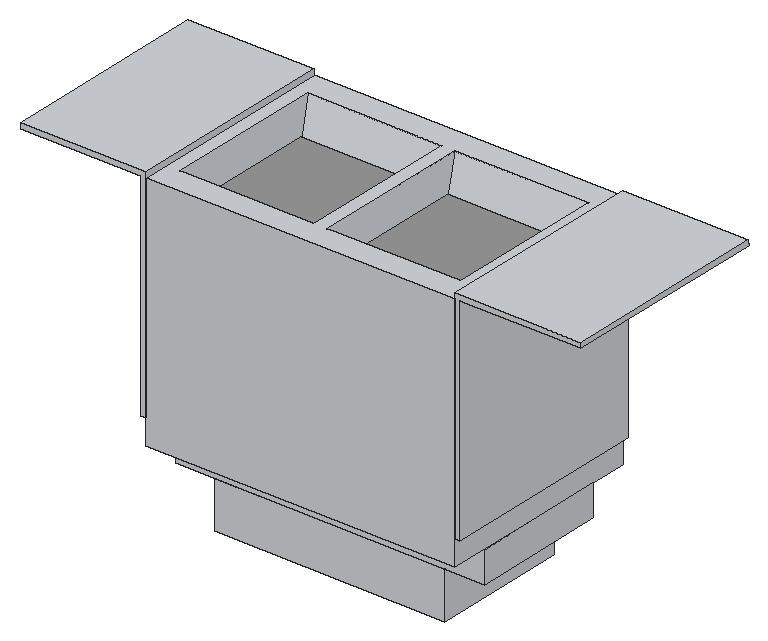
Revit family "2061076 Sylvania Lighting Fixture DOMINO 2xLED 930 BLACK NB TRIMLESS WHITE", category Lighting Fixtures, host Face, Revit 2018
Family settings
  Host = Face
  Round Connector Dimension = Use Diameter
  Part Type = Normal
  OmniClass Number = 23.80.70.00
  OmniClass Title = Lighting
  Cut with Voids When Loaded = No
  Light Source = Yes
  Shared = No
  Room Calculation Point = No
Parameters (values of type "2061076 DOMINO 2XLED 930 BLACK NB TS WHT ")
  top top length = 44 mm
  Width = 50 mm
  Weight = "n/a"
  Wattage Comments = ""
  Wattage = 9.2903 W
  WarrantyStartDate [instance] = "n/a"
  WarrantyGuarantorParts = "n/a"
  WarrantyDurationUnit = "n/a"
  WarrantyDurationParts = ""
  WarrantyDescription = "http://www.sylvania-lighting.com"
  built-in parameter 1150110 = 1 (stored number, unit not read)
  Voltage = 0 V
  URL = "0.6"
  TypeName = "DOMINO 2xLED 930 BLACK NB TRIMLESS WHITE"
  Type Image = <None>
  Type Comments = "n/a"
  built-in parameter 1114217 = 1 (stored number, unit not read)
  Top Width = 26 mm
  Tilt Angle = 90.00°
  built-in parameter 1150109 = 1 (stored number, unit not read)
  built-in parameter 1150134 = 3
  built-in parameter 1150113 = 1 (stored number, unit not read)
  SerialNumber [instance] = "n/a"
  Recessed Width = 43 mm
  Recessed Length = 63 mm
  Photometric Web File = "2061076.ies"
  Material_3_FEILO = none
  PowerFactor = 0
  PowerConsumption = "Lighting"
  NominalLength = 40 mm
  NominalHeight = 0 mm
  NominalDepth = 0 mm
  Name = "DOMINO 2xLED 930 BLACK NB TRIMLESS WHITE"
  ModelReference = Name  # "DOMINO 2xLED 930 BLACK NB TRIMLESS WHITE"
  ModelNumber = "2061076"
  Model = Name  # "DOMINO 2xLED 930 BLACK NB TRIMLESS WHITE"
  Material = "Feilo Sylvania"
  ManufacturerName = "55 lm/W"
  Manufacturer = ""
  LuminousEfficacy = ""
  built-in parameter 1150105 = 109.82 (stored number, unit not read)
  Lumens = 1380 lm
  LuminaireType = "0"
  built-in parameter 1150115 = 1 (stored number, unit not read)
  LightOutputRatio = "LED"
  built-in parameter 1150137 = (empty or 0)
  built-in parameter 1150139 = (empty or 0)
  Lens Width = 32 mm
  Lens = Glass, White, High Luminance
  Length = 69 mm
  LampsType = Lamp  # "n/a"
  LampNominalLuminous = "3000 K"
  LampMacAdamStep = "90"
  LampColourTemperature = "LED"
  LampColourRenderingIndex = "16500"
  built-in parameter 1150112 = 1 (stored number, unit not read)
  built-in parameter 1150114 = 1 (stored number, unit not read)
  Lamp = "n/a"
  Keynote = "n/a"
  InstallationDate [instance] = "n/a"
  InputVoltage = "0"
  InputNominalFrequency = "3000"
  built-in parameter 1150132 = (empty or 0)
  built-in parameter 1150102 = (empty or 0)
  built-in parameter 1150107 = 3200 (stored number, unit not read)
  built-in parameter 1150138 = (empty or 0)
  IngressProtection = "IfcLightFixtureType"
  ImpactProtectionIndex = "IfcLightFixtureType"
  built-in parameter 1150106 = 1.0982 (stored number, unit not read)
  IfcExportType = "IfcLightFixtureType"
  IfcExportAs = "Class II"
  Facia internal width = 37 mm
  Facia internal length = 56 mm
  Facia Height = 2 mm
  ExpectedLife = 50000
  Emit from Circle Diameter = 609.6 mm
  Emit Shape Visible in Rendering = no
  ElectricShockClassification = "55"
  built-in parameter 1150104 = 13.8 (stored number, unit not read)
  DurationUnit = "hours"
  DocumentationLiterature = "http://www.sylvania-lighting.com/product/en-int/products/2061076"
  DimmingControlOptions = "n/a"
  Material_2_FEILO = none
  Dimming Lamp Color Temperature Shift = <None>
  Description = "Modular LED recessed linear spotlight, ideal for retail and hospitality applications. Die-cast aluminium body, passive cooling. Two levels of reflector installation, low glaring UGR<16. 2x LED source, 15° beam angle , optics: PMMA lens and polycarbonate reflector combination, Black matt reflector finish. Light color temperature: 3000K warm white, total system power: 6W , total fixture lumen output: 325lm, efficacy: 55 lm/W, Ra90 typical, LED chromacity: 3 step MacAdam ellipse (SDCM3), lifespan: 96,000 hours at 90% of the original output (L90B10), IR/UV free light source without heat radiation, operating voltage: 220-240V / 50-60Hz, electronic driver, ultra low flicker, non-dimmable , electrical protection: Class II. Degree of Protection: IP40/IP20, suitable for indoor environment only. Ceiling cut-out: 42x42mm, outer dimensions:  64x40mm , trimless frame RAL 9016 - Traffic white / Bezel color.5 years Warranty."
  Default Elevation = 1219.2 mm
  CreatedOn = "11/02/2021"
  CreatedBy = "@sylvania-lighting.com"
  Cost = 0
  Color Filter = 16777215
  built-in parameter 1114216 [instance] = (empty or 0)
  ClassificationValue = "EF_70_80"
  ClassificationName = "Uniclass2015"
  Material_1_FEILO = none
  Body Width = 40 mm
  Body Length = 59 mm
  BarCode [instance] = "n/a"
  built-in parameter 1114218 = 1 (stored number, unit not read)
  built-in parameter 1150133 = 10 (stored number, unit not read)
  AssetType = "Fixed"
  AssetIdentifier [instance] = "n/a"
  Assembly Code = "D5020200"
  Apparent Load = 6 VA
  Material_4_FEILO = none
Reference planes
  plane 1 "Center (Front/Back)": y = 0
  plane 2: z = 0
  plane 3 "Center (Left/Right)": x = 0
  plane 4: z = 0
  plane 5: z = -7
  plane 6: z = -45.895
  plane 7: z = -51.895
  plane 8: z = -60.895
  plane 9: x = -31.5
  plane 10: x = 31.5
  plane 11: y = 21.5
  plane 12: y = -21.5
  plane 13: x = -34.5
  plane 14: x = 34.5
  plane 15: y = 25
  plane 16: y = -25
  plane 17: x = 28
  plane 18: x = -28
  plane 19: y = 18.5
  plane 20: y = -18.5
  plane 21: z = 2
  plane 22: x = -29.5
  plane 23: x = 29.5
  plane 24: y = 20
  plane 25: y = -20
  plane 26: y = 13
  plane 27: y = -13
  plane 28: x = 22
  plane 29: y = 16
  plane 30: y = -16
  plane 31: x = -27
  plane 32: x = -1
  plane 33: x = -26
  plane 34: x = -2
  plane 35: y = 12.5
  plane 36: y = -12.5
  plane 37: x = 27
  plane 38: x = 1
  plane 39: x = 2
  plane 40: x = 26.026
  plane 41: x = -30.5
  plane 42: z = 1
  plane 43: x = -53.5
  plane 44: z = -41
  plane 45: x = 30.5
  plane 46: x = 53.5
Forms (mm)
  Extrusion 1, solid, not visible, detail levels medium+fine
    sketch origin (4.2, 0, 0) x (1, 0, 0) y (0, 1, 0)
      loop
        line (-29.2, 34.5) -> (-29.2, -34.5) -> (20.8, -34.5) -> (20.8, 34.5) -> (-29.2, 34.5)
    from 0 to 1
  Extrusion 2, solid, not visible, detail levels medium+fine
    sketch origin (4.044, 0, 0) x (1, 0, 0) y (0, 1, 0)
      loop
        line (-29.2, 34.5) -> (-29.2, -34.5) -> (20.8, -34.5) -> (20.8, 34.5) -> (-29.2, 34.5)
    from 0 to 1
  Blend 3, solid, not visible, detail levels medium+fine
    base sketch origin (4.2, 0, 0) x (1, 0, 0) y (0, 1, 0)
      loop
        line (-29.2, 34.5) -> (-29.2, -34.5) -> (20.8, -34.5) -> (20.8, 34.5) -> (-29.2, 34.5)
    top sketch origin (4.2, 0, 0) x (1, 0, 0) y (0, 1, 0)
      loop
        line (-21.7, 28) -> (-21.7, -28) -> (13.3, -28) -> (13.3, 28) -> (-21.7, 28)
    from 1 to 3
  Extrusion 4, solid, not visible, detail levels medium+fine
    sketch origin (3.419, 0, 0) x (1, 0, 0) y (0, 1, 0)
      loop
        line (-29.2, 34.5) -> (-29.2, -34.5) -> (20.8, -34.5) -> (20.8, 34.5) -> (-29.2, 34.5)
    from 0 to 1
  Blend 5, solid, not visible, detail levels medium+fine
    base sketch origin (3.575, 0, 0) x (1, 0, 0) y (0, 1, 0)
      loop
        line (-29.2, 34.5) -> (-29.2, -34.5) -> (20.8, -34.5) -> (20.8, 34.5) -> (-29.2, 34.5)
    top sketch origin (3.575, 0, 0) x (1, 0, 0) y (0, 1, 0)
      loop
        line (-21.7, 28) -> (-21.7, -28) -> (13.3, -28) -> (13.3, 28) -> (-21.7, 28)
    from 1 to 3
  Extrusion 6, solid, not visible, detail levels medium+fine
    sketch origin (4.247, 0, 0) x (1, 0, 0) y (0, 1, 0)
      loop
        line (-29.2, 34.5) -> (-29.2, -34.5) -> (20.8, -34.5) -> (20.8, 34.5) -> (-29.2, 34.5)
    from 0 to 1
  Blend 7, solid, not visible, detail levels medium+fine
    base sketch origin (4.403, 0, 0) x (1, 0, 0) y (0, 1, 0)
      loop
        line (-29.2, 34.5) -> (-29.2, -34.5) -> (20.8, -34.5) -> (20.8, 34.5) -> (-29.2, 34.5)
    top sketch origin (4.403, 0, 0) x (1, 0, 0) y (0, 1, 0)
      loop
        line (-21.7, 28) -> (-21.7, -28) -> (13.3, -28) -> (13.3, 28) -> (-21.7, 28)
    from 1 to 3
  Extrusion 8, void, detail levels medium+fine
    sketch origin (4.2, 0, 0) x (0, 1, 0) y (1, 0, 0)
      loop
        line (21.5, -35.7) -> (21.5, 27.3) -> (-21.5, 27.3) -> (-21.5, -35.7) -> (21.5, -35.7)
    from -9.934 to 83.097
  Extrusion 9, solid, detail levels medium+fine
    sketch origin (4.2, 0, 0) x (1, 0, 0) y (0, 1, 0)
      loop
        line (-33.7, 20) -> (-33.7, -20) -> (25.3, -20) -> (25.3, 20) -> (-33.7, 20)
    from 0 to -45.895
  Extrusion 10, solid, detail levels medium+fine
    sketch origin (4.2, 0, 0) x (1, 0, 0) y (0, 1, 0)
      loop
        line (-33.7, 13) -> (-33.7, -13) -> (25.3, -13) -> (25.3, 13) -> (-33.7, 13)
    from -51.895 to -45.895
  Extrusion 11, solid, detail levels fine
    sketch origin (4.2, 0, 0) x (1, 0, 0) y (0, 1, 0)
      loop
        line (-26.2, 13) -> (-26.2, -13) -> (17.8, -13) -> (17.8, 13) -> (-26.2, 13)
    from -60.895 to -51.895
  Blend 12, void, detail levels medium+fine
    base sketch origin (4.2, 0, 0) x (0, 1, 0) y (-1, 0, 0)
      loop
        line (16, 31.2) -> (-16, 31.2) -> (-16, 5.2) -> (16, 5.2) -> (16, 31.2)
    top sketch origin (4.2, 0, 0) x (0, 1, 0) y (-1, 0, 0)
      loop
        line (12.5, 30.2) -> (-12.5, 30.2) -> (-12.5, 6.2) -> (12.5, 6.2) -> (12.5, 30.2)
    from 2 to -7
  Blend 13, void, detail levels medium+fine
    base sketch origin (4.2, 0, 0) x (0, 1, 0) y (-1, 0, 0)
      loop
        line (16, 3.2) -> (-16, 3.2) -> (-16, -22.8) -> (16, -22.8) -> (16, 3.2)
    top sketch origin (4.2, 0, 0) x (0, 1, 0) y (-1, 0, 0)
      loop
        line (12.5, 2.2) -> (-12.5, 2.2) -> (-12.5, -21.826) -> (12.5, -21.826) -> (12.5, 2.2)
    from 2 to -7
  Extrusion 14, solid, material "Glass, White, High Luminance" <- "Lens", detail levels fine
    sketch origin (0, 1219.2, 38) x (1, 0, 0) y (0, 1, 0)
      loop
        line (-26, -1206.7) -> (-26, -1231.7) -> (-2, -1231.7) -> (-2, -1206.7) -> (-26, -1206.7)
    from -45 to -44
  Extrusion 15, solid, material "Glass, White, High Luminance" <- "Lens", detail levels fine
    sketch origin (4.2, 0, 0) x (1, 0, 0) y (0, 1, 0)
      loop
        line (-2.2, 12.5) -> (-2.2, -12.5) -> (21.826, -12.5) -> (21.826, 12.5) -> (-2.2, 12.5)
    from -7 to -6
  Extrusion 16, solid, detail levels coarse
    sketch origin (0, 1219.2, 38) x (1, 0, 0) y (0, 1, 0)
      loop
        line (53.5, -1199.2) -> (-53.5, -1199.2) -> (-53.5, -1239.2) -> (53.5, -1239.2) -> (53.5, -1199.2)
    from -36 to -98.895
  Extrusion 17, solid, detail levels medium+fine
    sketch origin (0, 0, 0) x (1, 0, 0) y (0, 0, 1)
      loop
        line (-29.5, -41) -> (-29.5, 1) -> (-53.5, 1) -> (-53.5, 0) -> (-30.5, 0) -> (-30.5, -41) -> (-29.5, -41)
    from -20 to 20
  Extrusion 18, solid, detail levels medium+fine
    sketch origin (0, 0, 0) x (1, 0, 0) y (0, 0, 1)
      loop
        line (53.5, 1) -> (29.5, 1) -> (29.5, -41) -> (30.5, -41) -> (30.5, 0) -> (53.5, 0) -> (53.5, 1)
    from -20 to 20
Cuts and joins
  Blend 12, Blend 13 cuts Extrusion 9
Dimensions and locks
  "Recessed Length": plane 9 to plane 10
  equal spacing: plane 9, plane 3 "Center (Left/Right)", plane 10
  "Length": plane 13 to plane 14
  equal spacing: plane 13, plane 3 "Center (Left/Right)", plane 14
  "Recessed Width": plane 11 to plane 12
  equal spacing: plane 11, plane 1 "Center (Front/Back)", plane 12
  "Width": plane 15 to plane 16
  equal spacing: plane 15, plane 1 "Center (Front/Back)", plane 16
  "Facia internal length": plane 18 to plane 17
  equal spacing: plane 18, plane 3 "Center (Left/Right)", plane 17
  "Facia internal width": plane 19 to plane 20
  equal spacing: plane 19, plane 1 "Center (Front/Back)", plane 20
  "Facia Height": plane 21 to host face
  "Body Length": plane 22 to plane 23
  equal spacing: plane 22, plane 3 "Center (Left/Right)", plane 23
  "Body Width": plane 24 to plane 25
  equal spacing: plane 24, plane 1 "Center (Front/Back)", plane 25
  "Top Width": plane 26 to plane 27
  equal spacing: plane 26, plane 1 "Center (Front/Back)", plane 27
  plane 3 "Center (Left/Right)" to plane 28 = 22 mm
  "Lens Width": plane 29 to plane 30
  equal spacing: plane 29, plane 1 "Center (Front/Back)", plane 30
  aligned and locked: plane 2 to host face
  aligned and locked: level to host face
  aligned and locked: plane 7 to Extrusion 11
  aligned and locked: Extrusion 10 to plane 7
  aligned and locked: Extrusion 9 to plane 6
  aligned and locked: Blend 12 to plane 5
  aligned and locked: plane 21 to Blend 12
  aligned and locked: Blend 13 to plane 5
  aligned and locked: plane 21 to Blend 13
Automatic sketch dimensions
  host sketch curve to host sketch curve = 2438.4 mm  (x2)
  Extrusion 1 sketch curve to Extrusion 1 sketch curve = 50 mm
  Extrusion 1 sketch curve to Extrusion 1 sketch curve = 69 mm
  Extrusion 2 sketch curve to Extrusion 2 sketch curve = 50 mm
  Extrusion 2 sketch curve to Extrusion 2 sketch curve = 69 mm
  Blend 3 sketch curve to Blend 3 sketch curve = 50 mm
  Blend 3 sketch curve to Blend 3 sketch curve = 69 mm
  Blend 3 sketch curve to Blend 3 sketch curve = 35 mm
  Blend 3 sketch curve to Blend 3 sketch curve = 56 mm
  Extrusion 4 sketch curve to Extrusion 4 sketch curve = 50 mm
  Extrusion 4 sketch curve to Extrusion 4 sketch curve = 69 mm
  Blend 5 sketch curve to Blend 5 sketch curve = 50 mm
  Blend 5 sketch curve to Blend 5 sketch curve = 69 mm
  Blend 5 sketch curve to Blend 5 sketch curve = 35 mm
  Blend 5 sketch curve to Blend 5 sketch curve = 56 mm
  Extrusion 6 sketch curve to Extrusion 6 sketch curve = 50 mm
  Extrusion 6 sketch curve to Extrusion 6 sketch curve = 69 mm
  Blend 7 sketch curve to Blend 7 sketch curve = 50 mm
  Blend 7 sketch curve to Blend 7 sketch curve = 69 mm
  Blend 7 sketch curve to Blend 7 sketch curve = 35 mm
  Blend 7 sketch curve to Blend 7 sketch curve = 56 mm
  Extrusion 8 sketch curve to plane 9 = 0 mm
  Extrusion 8 sketch curve to plane 12 = 0 mm
  Extrusion 8 sketch curve to plane 11 = 0 mm
  Extrusion 8 sketch curve to plane 10 = 0 mm
  Extrusion 9 sketch curve to plane 22 = 0 mm
  Extrusion 9 sketch curve to plane 23 = 0 mm
  Extrusion 9 sketch curve to plane 25 = 0 mm
  Extrusion 9 sketch curve to plane 24 = 0 mm
  Extrusion 10 sketch curve to plane 22 = 0 mm
  Extrusion 10 sketch curve to plane 23 = 0 mm
  Extrusion 10 sketch curve to plane 27 = 0 mm
  Extrusion 10 sketch curve to plane 26 = 0 mm
  Extrusion 11 sketch curve to plane 27 = 0 mm
  Extrusion 11 sketch curve to plane 28 = 0 mm
  Extrusion 11 sketch curve to plane 26 = 0 mm
  plane 18 to Extrusion 11 sketch curve = 6 mm
  Blend 12 sketch curve to plane 30 = 0 mm
  Blend 12 sketch curve to plane 29 = 0 mm
  Blend 12 sketch curve to plane 32 = 0 mm
  Blend 12 sketch curve to plane 31 = 0 mm
  Blend 12 sketch curve to plane 33 = 0 mm
  Blend 12 sketch curve to plane 36 = 0 mm
  Blend 12 sketch curve to plane 35 = 0 mm
  Blend 12 sketch curve to plane 34 = 0 mm
  Blend 13 sketch curve to plane 30 = 0 mm
  Blend 13 sketch curve to plane 29 = 0 mm
  Blend 13 sketch curve to plane 37 = 0 mm
  Blend 13 sketch curve to plane 38 = 0 mm
  Blend 13 sketch curve to plane 36 = 0 mm
  Blend 13 sketch curve to plane 35 = 0 mm
  Blend 13 sketch curve to plane 40 = 0 mm
  Blend 13 sketch curve to plane 39 = 0 mm
  plane 31 to Extrusion 14 sketch curve = 1 mm
  Extrusion 14 sketch curve to plane 11 = 9 mm
  Extrusion 14 sketch curve to plane 34 = 0 mm
  plane 1 "Center (Front/Back)" to Extrusion 14 sketch curve = 12.5 mm
  Extrusion 15 sketch curve to plane 36 = 0 mm
  Extrusion 15 sketch curve to plane 39 = 0 mm
  Extrusion 15 sketch curve to plane 40 = 0 mm
  Extrusion 15 sketch curve to plane 35 = 0 mm
  Extrusion 16 sketch curve to plane 33 = 27.5 mm
  plane 14 to Extrusion 16 sketch curve = 19 mm
  plane 16 to Extrusion 16 sketch curve = 45 mm
  Extrusion 16 sketch curve to plane 36 = 7.5 mm
  Extrusion 17 sketch curve to level = 0 mm
  Extrusion 17 sketch curve to plane 43 = 0 mm
  Extrusion 17 sketch curve to plane 41 = 0 mm
  Extrusion 17 sketch curve to plane 22 = 0 mm
  Extrusion 17 sketch curve to plane 44 = 0 mm
  Extrusion 17 sketch curve to plane 42 = 0 mm
  Extrusion 18 sketch curve to plane 23 = 0 mm
  Extrusion 18 sketch curve to plane 44 = 0 mm
  Extrusion 18 sketch curve to plane 45 = 0 mm
  Extrusion 18 sketch curve to plane 46 = 0 mm
  Extrusion 18 sketch curve to plane 42 = 0 mm
  Extrusion 18 sketch curve to level = 0 mm
